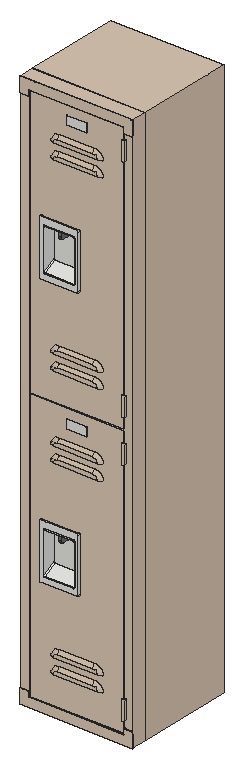
Revit family "Locker_SalsburyInd_Metal-2-Tier-Single", category Specialty Equipment, Revit 2026 (continued)
Definition of nested family "ML_Base Type"
  Automatic sketch dimensions
    plane 18 to Extrusion 10 sketch curve = 0.000"
    Extrusion 10 sketch curve to plane 20 "Inside Edge or Left Rear Leg" = 0.000"
    Extrusion 11 sketch curve to plane 8 "Front of Unit" = 0.000"
    Extrusion 11 sketch curve to level = 0.000"
    Extrusion 11 sketch curve to plane 11 "Back Edge of Front Facing" = 0.000"
    Extrusion 11 sketch curve to plane 11 "Back Edge of Front Facing" = 0.060"
    Extrusion 11 sketch curve to Extrusion 11 sketch curve = 1.588"
    level to Extrusion 11 sketch curve = 0.060"
    Extrusion 11 sketch curve to Extrusion 11 sketch curve = 0.060"
    Extrusion 11 sketch curve to Extrusion 11 sketch curve = 3.880"
    plane 11 "Back Edge of Front Facing" to Extrusion 2 sketch curve = 0.000"
    Extrusion 2 sketch curve to plane 12 "Inside Edge of Front Leg" = 0.000"
    plane 14 to Extrusion 2 sketch curve = 0.000"
    Extrusion 2 sketch curve to plane 5 "Left Side of Unit" = 0.000"
    plane 8 "Front of Unit" to Extrusion 2 sketch curve = 0.000"
    Extrusion 2 sketch curve to plane 20 "Inside Edge or Left Rear Leg" = 0.000"
    plane 14 to Extrusion 2 sketch curve = 0.060"
    plane 8 "Front of Unit" to Extrusion 2 sketch curve = 0.060"
    plane 10 "Left Side of Door Opening" to Extrusion 2 sketch curve = 0.060"
    plane 5 "Left Side of Unit" to Extrusion 2 sketch curve = 0.060"
    plane 11 "Back Edge of Front Facing" to Extrusion 1 sketch curve = 0.000"
    Extrusion 1 sketch curve to plane 13 "Inside Edge of Right Leg" = 0.000"
    plane 14 to Extrusion 1 sketch curve = 0.000"
    Extrusion 1 sketch curve to plane 6 "Right Side of Unit" = 0.000"
    plane 8 "Front of Unit" to Extrusion 1 sketch curve = 0.000"
    Extrusion 1 sketch curve to plane 19 "Inside Edge or Rear Right Leg" = 0.000"
    Extrusion 1 sketch curve to plane 14 = 0.060"
    Extrusion 1 sketch curve to plane 8 "Front of Unit" = 0.060"
    plane 9 "Right Side of Door Opening" to Extrusion 1 sketch curve = 0.060"
    plane 6 "Right Side of Unit" to Extrusion 1 sketch curve = 0.060"
Definition of nested family "ML_Base Side"
  Parameters (values of type "Zee Base Corner")
    Zee Corner = yes
    Zee = no
    Width including Rivet [instance] = 1.290"
    Leg = no
    Locker Depth [instance] = 12.010"
    Version = "1.0 (11/30/15)"
    Type Comments = "End Base for Standard Metal Lockers"
    Model = ""
    MasterFormat Title = ""
    MasterFormat Number = ""
    Manufacturer = "Salsbury Industries"
    Finish [instance] = none
    Description = ""
    Width = 4.000"
    Height = 4.000"
    Default Elevation = 0.000"
    Assembly Code = ""
  Types (4): name | Zee Corner | Zee | Leg | Locker Depth
    Leg Side Base Cover | no | no | yes | 10.362"
    Zee Base Cover | no | yes | no | 12.010"
    None | yes | no | no | 10.362"
    Zee Base Corner | yes | no | no | 12.010"
  Reference planes (in)
    plane 1 "Center (Front/Back)": y = 0
    plane 2: z = 0
    plane 3 "Center (Left/Right)": x = 3.99
    plane 4 "Floor": z = 0
    plane 5 "Locker Edge": x = 5.99
    plane 6 "Left Edge of Enclosure": y = -4.357
    plane 7 "Right Edge of Enclosure": y = 6.005
    plane 8 "Bottom Edge of Enclosure": z = 0.06
    plane 9 "Left Edge of Base": x = 1.99
    plane 10: y = -6.005
  Forms (in)
    Extrusion 1, solid, material <- "Finish", visible <- "Zee"
      sketch origin (0, 0, 0) x (0, -1, 0) y (1, 0, 0)
        loop
          line (-6.005, 1.99) -> (4.357, 1.99) -> (4.357, 5.99) -> (-6.005, 5.99) -> (-6.005, 1.99)
      from 0.06 to 4
    Extrusion 2, solid, material <- "Finish", visible <- "Leg"
      sketch origin (5.99, 0.794, 0) x (0, 0, -1) y (0, -1, 0)
        loop
          line (-6, 5.211) -> (-6, -4.211) -> (-0.06, -4.211) -> (-0.06, 5.211) -> (-6, 5.211)
      from 0 to 1.25
    Extrusion 3, solid, material <- "Finish", visible <- "Zee Corner"
      sketch origin (6.99, -5.357, 0) x (1, 0, 0) y (0, 1, 0)
        loop
          line (-1, 1) -> (-1, 0.94) -> (0.94, 0.94) -> (0.94, -1) -> (1, -1) -> (1, 1) -> (-1, 1)
      from 0 to 3.94
  Dimensions and locks (in)
    "Width": plane 9 "Left Edge of Base" to plane 5 "Locker Edge"
    equal spacing: plane 9 "Left Edge of Base", plane 3 "Center (Left/Right)", plane 5 "Locker Edge"
    locked: plane 4 "Floor" to plane 8 "Bottom Edge of Enclosure" at 0.06
    equal spacing: plane 10, plane 1 "Center (Front/Back)", plane 7 "Right Edge of Enclosure"
    "Locker Depth": plane 10 to plane 7 "Right Edge of Enclosure"
    locked: plane 6 "Left Edge of Enclosure" to plane 10 at 1.648
    locked: plane 10 to Extrusion 2 sketch curve at 1.588
    locked: Extrusion 2 sketch curve to plane 7 "Right Edge of Enclosure" at 1
    aligned and locked: level to plane 2
    aligned and locked: Extrusion 1 to plane 7 "Right Edge of Enclosure"
    aligned and locked: plane 8 "Bottom Edge of Enclosure" to Extrusion 1
    aligned and locked: Extrusion 1 sketch curve to plane 9 "Left Edge of Base"
  Automatic sketch dimensions
    Extrusion 1 sketch curve to plane 5 "Locker Edge" = 0.000"
    plane 7 "Right Edge of Enclosure" to Extrusion 1 sketch curve = 0.000"
    Extrusion 1 sketch curve to plane 6 "Left Edge of Enclosure" = 0.000"
    level to Extrusion 2 sketch curve = 0.060"
    Extrusion 2 sketch curve to plane 8 "Bottom Edge of Enclosure" = 5.940"
    Extrusion 3 sketch curve to plane 5 "Locker Edge" = 0.000"
    plane 6 "Left Edge of Enclosure" to Extrusion 3 sketch curve = 0.000"
    plane 6 "Left Edge of Enclosure" to Extrusion 3 sketch curve = 0.060"
    Extrusion 3 sketch curve to Extrusion 3 sketch curve = 1.940"
    Extrusion 3 sketch curve to Extrusion 3 sketch curve = 0.060"
    Extrusion 3 sketch curve to plane 10 = 0.352"
Definition of nested family "ML_End Panel"
  Parameters (values of type "Double")
    controldepth [instance] = if(Single End Panel, Depth, Depth * 2)  # 24.020"
    Width = 0.925"
    Visible = yes
    Version = "1.0 (11/30/15)"
    Type Comments = "Finished Double End Panel for Standard Metal Lockers"
    Single End Panel = no
    Model = ""
    MasterFormat Title = ""
    MasterFormat Number = ""
    Manufacturer = "Salsbury Industries"
    Height [instance] = 60.000"
    Finish [instance] = none
    Description = "Double End Panel"
    Depth [instance] = 12.010"
    Default Elevation = 0.000"
    Base Height [instance] = 0.750"
    Assembly Code = ""
  Types (3): name | controldepth | Visible | Type Comments | Single End Panel | Model | Height | Description
    Single | 12.010" | yes | "Finished End Panel for Standard Metal Lockers" | yes | "" | 60.000" | "End Panel"
    None | 12.010" | no | "Finished End Panel for Standard Metal Lockers" | yes | "n/a" | 72.000" | ""
    Double | 24.020" | yes | "Finished Double End Panel for Standard Metal Lockers" | no | "" | 60.000" | "Double End Panel"
  Reference planes (in)
    plane 1 "Center (Front/Back)": y = -2.167
    plane 2: z = 0
    plane 3 "Center (Left/Right)": x = -4.595
    plane 4 "Bottom of Panel": z = 0
    plane 5 "Top of Panel": z = 60
    plane 6 "Front of Panel": y = -14.177
    plane 7 "Right Side of Enclosure": x = -4.1325
    plane 8 "Left Side of Enclosure": x = -5.0575
    plane 9 "Back of Panel": y = 9.843
    plane 10: z = 30
    plane 11: z = 58.283
    plane 12: z = 1.717
    plane 13 "Outside Edge of Front Flap": y = -14.23714
    plane 14 "Outside Edge of Back Flap": y = 9.903
    plane 15: z = -0.75
  Forms (in)
    Extrusion 1, solid, material <- "Finish", visible <- "Visible"
      sketch origin (-4.1325, 0.48244, 0) x (0, 0, -1) y (0, -1, 0)
        loop
          line (-60, 14.71958) -> (-60, -9.42056) -> (0.75, -9.42056) -> (0.75, 14.71958) -> (-60, 14.71958)
      from 0 to -0.06
    Extrusion 2, solid, material <- "Finish", visible <- "Visible"
      sketch origin (0, 9.843, 0) x (0, 0, -1) y (1, 0, 0)
        loop
          line (-60, -5.0575) -> (0.75, -5.0575) -> (0.75, -4.1325) -> (-60, -4.1325) -> (-60, -5.0575)
      from 0 to -0.06
    Extrusion 3, solid, material <- "Finish", visible <- "Visible"
      sketch origin (0, -14.177, 0) x (1, 0, 0) y (0, 0, 1)
        loop
          line (-5.0575, 58.283) -> (-5.0575, 1.717) -> (-4.1325, 1.717) -> (-4.1325, 58.283) -> (-5.0575, 58.283)
      from 0.06014 to 0
  Dimensions and locks (in)
    equal spacing: plane 6 "Front of Panel", plane 1 "Center (Front/Back)", plane 9 "Back of Panel"
    "controldepth": plane 6 "Front of Panel" to plane 9 "Back of Panel"
    equal spacing: plane 8 "Left Side of Enclosure", plane 3 "Center (Left/Right)", plane 7 "Right Side of Enclosure"
    "Width": plane 8 "Left Side of Enclosure" to plane 7 "Right Side of Enclosure"
    locked: plane 5 "Top of Panel" to plane 11 at 1.717
    locked: plane 13 "Outside Edge of Front Flap" to plane 6 "Front of Panel" at 0.06014
    locked: plane 9 "Back of Panel" to plane 14 "Outside Edge of Back Flap" at 0.06
    "Base Height": level to plane 15
    locked: plane 12 to level at 1.717
    equal spacing: plane 5 "Top of Panel", plane 10, level
    "Height": plane 5 "Top of Panel" to level
    aligned and locked: level to plane 2
    aligned and locked: plane 5 "Top of Panel" to Extrusion 1 sketch curve
    aligned and locked: plane 5 "Top of Panel" to Extrusion 2 sketch curve
    aligned and locked: Extrusion 2 to plane 9 "Back of Panel"
    aligned and locked: plane 11 to Extrusion 3 sketch curve
    aligned and locked: plane 6 "Front of Panel" to Extrusion 3
    aligned and locked: plane 14 "Outside Edge of Back Flap" to Extrusion 2
    aligned and locked: Extrusion 1 to plane 14 "Outside Edge of Back Flap"
    aligned and locked: plane 13 "Outside Edge of Front Flap" to Extrusion 3
    aligned and locked: plane 7 "Right Side of Enclosure" to Extrusion 2
    aligned and locked: Extrusion 3 to plane 7 "Right Side of Enclosure"
    aligned and locked: Extrusion 1 to plane 15
    aligned and locked: Extrusion 2 to plane 15
  Automatic sketch dimensions
    Extrusion 1 sketch curve to level = 0.750"
    Extrusion 2 sketch curve to level = 0.750"
    plane 8 "Left Side of Enclosure" to Extrusion 2 sketch curve = 0.000"
    plane 7 "Right Side of Enclosure" to Extrusion 2 sketch curve = 0.000"
    plane 8 "Left Side of Enclosure" to Extrusion 3 sketch curve = 0.000"
    Extrusion 3 sketch curve to plane 12 = 0.000"
    plane 7 "Right Side of Enclosure" to Extrusion 3 sketch curve = 0.000"
    Extrusion 1 sketch curve to plane 14 "Outside Edge of Back Flap" = 0.000"
    plane 6 "Front of Panel" to Extrusion 1 sketch curve = 0.06014"
Definition of nested family "ML_Front Filler"
  Parameters (values of type "Width as Specified")
    Width [instance] = 9.000"
    Visible = yes
    Version = "1.0 (11/30/15)"
    Type Comments = "Vertical Front Filler for Standard Metal Lockers"
    Model = ""
    MasterFormat Title = ""
    MasterFormat Number = ""
    Manufacturer = "Salsbury Industries"
    Height [instance] = 60.000"
    Finish [instance] = none
    Description = "Vertical Front Filler"
    Depth = 1.000"
    Default Elevation = 48.000"
    Base Height [instance] = 3.000"
    Assembly Code = ""
  Types (2): name | Width | Visible | Model | Height | Description | Depth
    None | 15.000" | no | "n/a" | 78.000" | "" | 1.500"
    Width as Specified | 9.000" | yes | "" | 60.000" | "Vertical Front Filler" | 1.000"
  Reference planes (in)
    plane 1 "Center (Front/Back)": y = -2.167
    plane 2: z = 0
    plane 3 "Center (Left/Right)": x = -4.595
    plane 4 "Bottom of Filler": z = 0
    plane 5 "Top of Panel": z = 63
    plane 6 "Front of Filler": y = -2.667
    plane 7 "Right Side of Filler": x = -0.095
    plane 8 "Left Side of Filler": x = -9.095
    plane 9 "Back of Filler": y = -1.667
    plane 10: z = 33
    plane 11: z = 3
  Forms (in)
    Extrusion 1, solid, material <- "Finish", visible <- "Visible"
      sketch origin (0, 0, 0) x (0, -1, 0) y (1, 0, 0)
        loop
          line (1.667, -9.095) -> (2.667, -9.095) -> (2.667, -1.095) -> (2.619, -1.095) -> (2.619, -9.047) -> (1.667, -9.047) -> (1.667, -9.095)
      from 0 to 63
    Extrusion 2, solid, material <- "Finish", visible <- "Visible"
      sketch origin (0, -0.20425, 0) x (0, -1, 0) y (1, 0, 0)
        loop
          line (1.55875, -0.095) -> (1.55875, -0.143) -> (2.51075, -0.143) -> (2.51075, -0.82524) -> (2.36675, -0.82524) -> (2.36675, -1.80024) -> (2.41475, -1.80024) -> (2.41475, -1.095) -> (2.46275, -1.095) -> (2.46275, -1.595) -> (2.55875, -1.595) -> (2.55875, -0.095) -> (1.55875, -0.095)
      from 0 to 63
  Dimensions and locks (in)
    equal spacing: plane 6 "Front of Filler", plane 1 "Center (Front/Back)", plane 9 "Back of Filler"
    "Depth": plane 6 "Front of Filler" to plane 9 "Back of Filler"
    equal spacing: plane 8 "Left Side of Filler", plane 3 "Center (Left/Right)", plane 7 "Right Side of Filler"
    "Width": plane 8 "Left Side of Filler" to plane 7 "Right Side of Filler"
    "Height": plane 5 "Top of Panel" to plane 11
    equal spacing: plane 5 "Top of Panel", plane 10, plane 11
    "Base Height": plane 11 to level
    locked: Extrusion 1 sketch curve to plane 7 "Right Side of Filler" at 1
    Extrusion 2 sketch curve to Extrusion 2 sketch curve to Extrusion 2 sketch curve to Extrusion 2 sketch curve to plane 7 "Right Side of Filler" = 0.20524" locked, 0.500" locked, 0.26976" locked, 0.73024" locked
    aligned and locked: level to plane 2
    aligned and locked: Extrusion 1 to plane 5 "Top of Panel"
    aligned and locked: Extrusion 2 to plane 5 "Top of Panel"
  Automatic sketch dimensions
    plane 9 "Back of Filler" to Extrusion 1 sketch curve = 0.000"
    plane 6 "Front of Filler" to Extrusion 1 sketch curve = 0.000"
    Extrusion 1 sketch curve to plane 8 "Left Side of Filler" = 0.000"
    Extrusion 1 sketch curve to plane 6 "Front of Filler" = 0.048"
    Extrusion 1 sketch curve to Extrusion 1 sketch curve = 0.048"
    Extrusion 2 sketch curve to plane 7 "Right Side of Filler" = 0.000"
    plane 6 "Front of Filler" to Extrusion 2 sketch curve = 0.000"
    Extrusion 2 sketch curve to plane 6 "Front of Filler" = 0.048"
    Extrusion 2 sketch curve to Extrusion 2 sketch curve = 0.048"  (x2)
    plane 9 "Back of Filler" to Extrusion 2 sketch curve = 0.096"
    Extrusion 2 sketch curve to Extrusion 2 sketch curve = 0.096"
    plane 7 "Right Side of Filler" to Extrusion 2 sketch curve = 0.048"
Definition of nested family "ML_Top Filler"
  Parameters (values of type "Flat Top In-Line")
    Width [instance] = 15.000"
    Version = "1.0 (11/30/15)"
    Type Comments = "Flat Top In-Line Filler for Standard Metal Lockers"
    Sloped Height [instance] = if(Depth = 12.000", 6.625", if(Depth = 15.000", 8.682", if(Depth = 18.000", 10.739", 0.000")))  # 6.625"
    SlopeInline = no
    SlopeCorner = no
    Model = ""
    MasterFormat Title = ""
    MasterFormat Number = ""
    Manufacturer = "Salsbury Industries"
    FlatInline = yes
    FlatCorner = no
    Finish [instance] = none
    Description = "Flat Top In-Line Filler"
    Depth [instance] = 12.000"
    Default Elevation = 48.000"
    Corner Width [instance] = Depth + 0.625"  # 12.625"
    Assembly Code = ""
  Types (5): name | Type Comments | SlopeInline | SlopeCorner | FlatInline | FlatCorner | Description
    None | "Top Filler for Standard Metal Lockers" | no | no | no | no | "Top Filler"
    Sloped In-Line | "Sloping Hood In-Line Filler for Standard Metal Lockers" | yes | no | no | no | "Sloping Hood In-Line Filler"
    Flat Top In-Line | "Flat Top In-Line Filler for Standard Metal Lockers" | no | no | yes | no | "Flat Top In-Line Filler"
    Flat Top Corner | "Flat Top Corner Filler for Standard Metal Lockers" | no | no | no | yes | "Flat Top Corner Filler"
    Sloped Corner | "Sloping Hood Corner Filler for Standard Metal Lockers" | no | yes | no | no | "Sloping Hood Corner Filler"
  Reference planes (in)
    plane 1 "Center (Front/Back)": y = -2.167
    plane 2: z = 0
    plane 3 "Center (Left/Right)": x = -4.595
    plane 4 "Bottom of Panel": z = 0
    plane 5 "Front of Panel": y = -8.167
    plane 6 "Right Side of Enclosure": x = 10.405
    plane 7 "Back of Panel": y = 3.833
    plane 8: z = 6.625
    plane 9: y = -8.2295
    plane 10: x = -5.22
  Forms (in)
    Extrusion 1, solid, material <- "Finish", visible <- "SlopeInline"
      sketch origin (-4.595, 0, 0) x (0, 1, 0) y (0, 0, 1)
        loop
          line (-8.2775, 0.04551) -> (-8.2775, -1.028) -> (-8.2295, -1.028) -> (-8.2295, 0) -> (3.833, 6.625) -> (3.833, 6.69688) -> (-8.2775, 0.04551)
      from 0 to 15
    Extrusion 2, solid, material <- "Finish", visible <- "FlatInline"
      sketch origin (-4.595, 0.26285, 0) x (0, 1, 0) y (0, 0, 1)
        loop
          line (-8.54035, -1.028) -> (-8.49235, -1.028) -> (-8.49235, 0) -> (3.57015, 0) -> (3.57015, 0.048) -> (-8.54035, 0.048) -> (-8.54035, -1.028)
      from 0 to 15
    Extrusion 3, solid, material <- "Finish", visible <- "FlatCorner"
      sketch origin (6.3125, -0.3125, 0) x (0, -1, 0) y (1, 0, 0)
        loop
          line (7.8545, -11.5325) -> (7.8545, -10.9075) -> (8.4795, -10.9075) -> (8.4795, 1.0925) -> (-4.1455, 1.0925) -> (-4.1455, -11.5325) -> (7.8545, -11.5325)
      from 0 to 0.048
    Extrusion 4, solid, material <- "Finish", visible <- "SlopeCorner"
      sketch origin (-5.22, -180, 0.048) x (0, 0, 1) y (0, -1, 0)
        loop
          line (-0.00249, -171.7225) -> (-0.048, -171.7225) -> (-0.048, -171.7705) -> (6.577, -183.833) -> (6.64888, -183.833) -> (-0.00249, -171.7225)
      from 0 to 12.625 <- "Corner Width"
    Extrusion 5, solid, material <- "Finish", visible <- "SlopeCorner"
      sketch origin (0.34565, 3.833, -4.20312) x (0, 0, -1) y (1, 0, 0)
        loop
          line (-4.24872, -5.05115) -> (-4.20312, -5.05115) -> (-4.20312, -5.00315) -> (-10.82812, 7.05935) -> (-10.90008, 7.05935) -> (-4.24872, -5.05115)
      from 0 to 12.625 <- "Corner Width"
    Extrusion 6, void
      sketch origin (0, 0, 0) x (0, -1, 0) y (1, 0, 0)
        loop
          line (-3.833, -5.22) -> (8.792, -5.22) -> (-3.833, 7.405) -> (-3.833, -5.22)
      from -1.028 to 21.6885
    Extrusion 7, void
      sketch origin (3.572, -3.572, 0) x (-1, 0, 0) y (0, -1, 0)
        loop
          line (-3.833, 5.22) -> (-3.833, -7.405) -> (8.2775, 4.7055) -> (8.2775, 5.22) -> (-3.833, 5.22)
      from 19.08316 to -2.57539
  Cuts and joins
    Extrusion 7 cuts Extrusion 4
    Extrusion 6 cuts Extrusion 5
  Dimensions and locks (in)
    equal spacing: plane 5 "Front of Panel", plane 1 "Center (Front/Back)", plane 7 "Back of Panel"
    "Depth": plane 5 "Front of Panel" to plane 7 "Back of Panel"
    "Width": plane 3 "Center (Left/Right)" to plane 6 "Right Side of Enclosure"
    "Sloped Height": plane 8 to level
    locked: plane 9 to plane 5 "Front of Panel" at 0.0625
    locked: Extrusion 1 sketch curve to Extrusion 1 sketch curve at 0.063
    locked: Extrusion 1 sketch curve to plane 9 at 0.048
    Extrusion 2 sketch curve to plane 9 to Extrusion 2 sketch curve = 0.048" locked, 0.000" locked
    "Corner Width": Extrusion 3 sketch curve to plane 7 "Back of Panel"
    "Corner Width": Extrusion 3 sketch curve to Extrusion 3 sketch curve
    locked: Extrusion 3 sketch curve to plane 3 "Center (Left/Right)" at 0.625
    locked: Extrusion 4 sketch curve to plane 9 at 0.048
    locked: Extrusion 4 sketch curve to Extrusion 4 sketch curve at 0.063
    locked: plane 3 "Center (Left/Right)" to plane 10 at 0.625
    "Corner Width": plane 10 to Extrusion 6 sketch curve
    "Corner Width": Extrusion 6 sketch curve to plane 7 "Back of Panel"
    "Corner Width": Extrusion 7 sketch curve to plane 7 "Back of Panel"
    "Corner Width": plane 10 to Extrusion 7 sketch curve
    "Corner Width": Extrusion 5 sketch curve to plane 10
    locked: Extrusion 5 sketch curve to Extrusion 5 sketch curve at 0.06308
    plane 3 "Center (Left/Right)" to Extrusion 5 sketch curve to Extrusion 5 sketch curve = 0.0625" locked, 0.048" locked
    locked: Extrusion 7 sketch curve to plane 3 "Center (Left/Right)" at 0.1105
    aligned and locked: level to plane 2
    aligned and locked: Extrusion 1 to plane 6 "Right Side of Enclosure"
    aligned and locked: Extrusion 1 to plane 3 "Center (Left/Right)"
    aligned and locked: plane 8 to Extrusion 1 sketch curve
    aligned and locked: Extrusion 1 sketch curve to plane 7 "Back of Panel"
    aligned and locked: level to Extrusion 1 sketch curve
    aligned and locked: Extrusion 1 sketch curve to plane 9
    aligned and locked: plane 7 "Back of Panel" to Extrusion 2 sketch curve
    aligned and locked: Extrusion 2 to plane 3 "Center (Left/Right)"
    aligned and locked: Extrusion 2 to plane 6 "Right Side of Enclosure"
    aligned and locked: plane 3 "Center (Left/Right)" to Extrusion 3 sketch curve
    aligned and locked: Extrusion 3 sketch curve to plane 5 "Front of Panel"
    aligned and locked: plane 9 to Extrusion 4 sketch curve
    aligned and locked: Extrusion 4 sketch curve to level
    aligned and locked: plane 8 to Extrusion 4 sketch curve
    aligned and locked: plane 7 "Back of Panel" to Extrusion 4 sketch curve
    aligned and locked: Extrusion 5 sketch curve to level
    aligned and locked: Extrusion 6 sketch curve to plane 7 "Back of Panel"
    aligned and locked: Extrusion 6 sketch curve to plane 10
    aligned and locked: plane 8 to Extrusion 5 sketch curve
  Automatic sketch dimensions
    Extrusion 1 sketch curve to level = 1.028"
    Extrusion 2 sketch curve to level = 0.000"
    Extrusion 2 sketch curve to level = 1.028"
    level to Extrusion 2 sketch curve = 0.048"
    plane 7 "Back of Panel" to Extrusion 3 sketch curve = 0.000"
    plane 7 "Back of Panel" to Extrusion 7 sketch curve = 0.000"
    plane 9 to Extrusion 7 sketch curve = 0.048"
